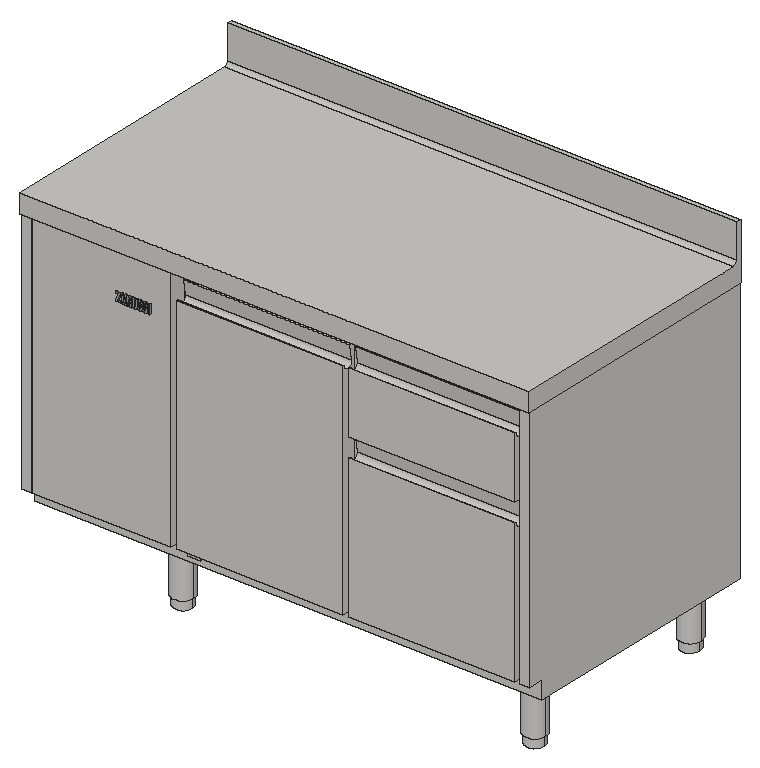
Revit family "QF_ZANUSSI_111030_ZH2H3AD", category Specialty Equipment, Revit 2018
Family settings
  Round Connector Dimension = Use Diameter
  Part Type = Normal
  Work Plane-Based = No
  Always vertical = Yes
  Cut with Voids When Loaded = No
  Shared = No
  Room Calculation Point = No
Parameters
  Weight = 0.00 kg
  Watts = 0.0232258 W
  Volts = 220 V
  URL Manufacturer = "http://www.zanussiprofessional.com/"
  URL = "http://www.zanussiprofessional.com/"
  Steam Supply Size = 0 mm
  Steam Supply Minimum Pressure = 0.0 Pa
  Steam Supply Maximum Pressure = 0.0 Pa
  Steam Pounds per Hour = 0
  Show Logo [instance] = yes
  Show Clearance [instance] = yes
  Refrigeration Suction Line Size = 0 mm
  Refrigeration Liquid Line Size = 0 mm
  Refrigerant Compressor Remote = yes
  Manufacturer = "Zanussi"
  Phase = 1
  Model = "ZH2H3AD"
  Length Actual = 1345 mm  # constant formula
  Item Number = "111030"
  Hot Water Size = 0 mm
  Height Actual = 1000 mm  # constant formula
  HP = "0.3 HP"
  Gas Size = 0 mm
  Gas KW = 0
  Gas Input Pressure = 0 W
  Description = "1DOOR+1/3+2/3DRAWERS REF.TABLE 290L-SPLB"
  Depth Actual = 700 mm  # constant formula
  Cycle = 50 Hz
  Condensate Return Size = 0 mm
  Compressed Air Volume = 0.0 L/s
  Compressed Air Size = 0 mm
  Compressed Air Pressure = 0.0 Pa
  Cold Water Size = 0 mm
  Accessory = yes
Reference planes
  plane 1 "Center X": y = 182.5
  plane 2: z = 0
  plane 3 "Center Y": x = -126.5
  plane 4: y = -62.5
  plane 5: y = 451.5
  plane 6 "BACK": y = 532.5
  plane 7 "FRONT": y = -167.5
  plane 8: x = -452
  plane 9: x = 478
  plane 10: z = 150
  plane 11 "TOP": z = 900
  plane 12: z = 850
  plane 13 "LEFT": x = -797
  plane 14 "RIGHT": x = 544
  plane 15: x = -799
  plane 16: x = 546
Forms (mm)
  Extrusion 1, solid, material "QF_Finishes_Stainless Steel"
    sketch origin (-126.5, 2, 0) x (0, 1, 0) y (0, 0, 1)
      loop
        line (530.5, 150) -> (530.5, 850) -> (-124.5, 850) -> (-124.5, 150) -> (530.5, 150)
    from -670.5 to 670.5
  Extrusion 2, solid, material "QF_Finishes_Stainless Steel"
    sketch origin (-1022.223, -1524, 150) x (-1, 0, 0) y (0, -1, 0)
      loop
        line (-225.223, -1361.5) -> (-250.223, -1361.5) -> (-250.223, -1401.5) -> (-225.223, -1401.5) -> (-225.223, -1361.5)
      loop
        line (-1566.223, -1401.5) -> (-1541.223, -1401.5) -> (-1541.223, -1361.5) -> (-1566.223, -1361.5) -> (-1566.223, -1401.5)
    from 47 to 700
  Extrusion 3, solid, material "QF_Finishes_Stainless Steel"
    sketch origin (0, 0, 900) x (-1, 0, 0) y (0, -1, 0)
      loop
        circle (-57, -94.5) r 8.45
    from -790.577 to -750
  Extrusion 4, solid, material "QF_Finishes_Stainless Steel"
    sketch origin (0, 0, 0) x (1, 0, 0) y (0, 1, 0)
      loop
        circle (-713, 451.5) r 4
    from 109.423 to 150
  Extrusion 5, solid, material "QF_Finishes_Stainless Steel"
    sketch origin (-126.5, 0, 0) x (0, 1, 0) y (0, 0, 1)
      loop
        line (-167.5, 900) -> (-167.5, 850) -> (532.5, 850) -> (532.5, 1000) -> (519.5, 1000) -> (519.5, 910)
        arc (519.5, 910) -> (516.571, 902.929) -> (509.5, 900) r 10
        line (509.5, 900) -> (-167.5, 900)
    from 672.5 to -672.5
Cuts and joins
  joined: Extrusion 1, Extrusion 2
Lines and regions (mm)
  symbolic lines, style "SpecialityEquipmentHiddenLines"
    curve 1: line (-799, -122.5, 900) -> (546, -122.5, 900)
    curve 2: line (-396, -167.5, 900) -> (-396, -122.5, 900)
  symbolic lines, style "SpecialityEquipment"
    curve 3: line (-799, 532.5, 900) -> (546, 532.5, 900)
    curve 4: line (-799, 532.5, 900) -> (-799, -167.5, 900)
    curve 5: line (-799, -167.5, 900) -> (546, -167.5, 900)
    curve 6: line (546, -167.5, 900) -> (546, 532.5, 900)
    curve 7: line (-799, 519.5, 900) -> (546, 519.5, 900)
Dimensions and locks
  locked: plane 6 "BACK" to plane 7 "FRONT" at 700
  equal spacing: plane 6 "BACK", plane 1 "Center X", plane 7 "FRONT"
  locked: plane 6 "BACK" to plane 5 at 81
  plane 10 to level = 150 mm
  plane 11 "TOP" to plane 12 to plane 10 = 50 mm locked, 700 mm locked
  locked: Extrusion 2 sketch curve to Extrusion 2 sketch curve at 25  (x2)
  locked: plane 4 to plane 7 "FRONT" at 105
  locked: plane 6 "BACK" to Extrusion 3 sketch curve at 438
  equal spacing: plane 13 "LEFT", plane 3 "Center Y", plane 14 "RIGHT"
  plane 15 to plane 16 = 1345 mm
  locked: plane 13 "LEFT" to plane 8 at 345
  locked: plane 9 to plane 14 "RIGHT" at 66
  locked: Extrusion 3 sketch curve to plane 14 "RIGHT" at 487
  plane 13 "LEFT" to Extrusion 4 sketch curve = 84 mm
  locked: plane 6 "BACK" to Extrusion 4 sketch curve at 81
  locked: plane 10 to Extrusion 4 at 40.577
  aligned and locked: level to plane 2
  aligned and locked: plane 10 to Extrusion 3
  aligned and locked: nested 4 to plane 4
  aligned and locked: nested 1 to plane 4
  aligned and locked: nested 3 to plane 5
  aligned and locked: nested 2 to plane 5
  aligned and locked: plane 8 to nested 1
  aligned and locked: plane 8 to nested 2
  aligned and locked: plane 9 to nested 4
  aligned and locked: plane 9 to nested 3
  aligned and locked: Extrusion 1 to Extrusion 2
  aligned and locked: Extrusion 2 to Extrusion 1
  aligned and locked: Extrusion 2 sketch curve to plane 14 "RIGHT"
  aligned and locked: plane 13 "LEFT" to Extrusion 2 sketch curve
  aligned and locked: cut or joined group of Extrusion 1, Extrusion 2 to plane 10
  aligned and locked: plane 12 to cut or joined group of Extrusion 1, Extrusion 2
  aligned and locked: plane 10 to Extrusion 4
  aligned and locked: Extrusion 5 sketch curve to plane 11 "TOP"
  aligned and locked: plane 7 "FRONT" to Extrusion 5 sketch curve
  aligned and locked: Extrusion 5 sketch curve to cut or joined group of Extrusion 1, Extrusion 2  (x2)
  aligned and locked: Extrusion 5 to curve 3
Automatic sketch dimensions
  plane 7 "FRONT" to Extrusion 2 sketch curve = 45 mm  (x2)
  plane 7 "FRONT" to Extrusion 2 sketch curve = 5 mm  (x2)
  Extrusion 1 sketch curve to plane 10 = 0 mm
  Extrusion 1 sketch curve to plane 12 = 0 mm
  Extrusion 1 sketch curve to plane 6 "BACK" = 0 mm
  plane 7 "FRONT" to Extrusion 1 sketch curve = 45 mm
  plane 11 "TOP" to Extrusion 5 sketch curve = 10 mm
  Extrusion 5 sketch curve to plane 6 "BACK" = 23 mm
  Extrusion 5 sketch curve to Extrusion 5 sketch curve = 90 mm
  curve 2 to plane 7 "FRONT" = 0 mm
  curve 5 to plane 15 = 0 mm
  curve 3 to plane 6 "BACK" = 0 mm
  plane 8 to curve 2 = 56 mm
  curve 7 to plane 6 "BACK" = 13 mm
  plane 7 "FRONT" to curve 1 = 45 mm
  radius of Extrusion 3 sketch curve = 8.45 mm
  radius of Extrusion 4 sketch curve = 4 mm
Nested families
  nested 1: "Foot_Ø50_H150" at (-452, -62.5, 0), type "Foot_Ø50_H150"
  nested 2: "Foot_Ø50_H150" at (-452, 451.5, 0), type "Foot_Ø50_H150"
  nested 3: "Foot_Ø50_H150" at (478, 451.5, 0), type "Foot_Ø50_H150"
  nested 4: "Foot_Ø50_H150" at (478, -62.5, 0), type "Foot_Ø50_H150"
  nested 5: "1x1-3 1x2-3 Drawers" at (285, -164.5, 0), Show Clearance <- "Show Clearance", type "1x1-3 1x2-3 Drawers"
  nested 6: "Door" at (-169, -164.5, 0) x (-1, 0, 0) z (0, 0, 1), Show Clearance <- "Show Clearance", type "Door"
  nested 7: "Refrigerator" at (544, -167.5, 900), type "Refrigerator"
  nested 8: "ZAN_Cooling Unit" at (-587.5, -164.5, 0), Show Logo <- "Show Logo", type "ZAN_Cooling Unit"
Connectors
  electrical at (-713, 451.5, 109.423), driven by "Volts"
    settings: on Extrusion 4, index 4, voltage 220 V, apparent load 0 VA, apparent load phase1 0 VA, apparent load phase2 0 VA, apparent load phase3 0 VA, power factor 1, load classification "Altro", number of poles 1, system type 30, power factor state 1, is connector primary yes, connector utility no, sub classification motor no, connector description "Electrical Connection"
  piping at (57, 94.5, 109.423), diameter 17
    settings: on Extrusion 3, index 5, connector inside diameter 609.6 mm, connector length 0 mm, flow factor 0, pipe flow 0.0 L/s, pressure drop 0.0 Pa, fitting loss kfactor 0, connector angle 0.00°, fixture units 0, engagement length 0 mm, angle of deflection 0.00°, flow configuration 1, flow direction 2, fitting loss method 0, system type 16, joint type 0, gender type 0, connector reference index -1, connector utility 0, adjustable connector no, is connector primary yes, connector description "Drain"
Definition of nested family "Foot_Ø50_H150"
  Reference planes
    plane 1 "Centro (Fronte/Retro)": y = 0
    plane 2: z = 0
    plane 3 "Centro (Sinistra/Destra)": x = 0
    plane 4: z = 150
  Forms (mm)
    Revolve 1, solid
      sketch origin (255.05, 0, 608.09) x (0, 0, 1) y (-1, 0, 0)
        loop
          line (-608.09, 255.05) -> (-608.09, 230.05) -> (-583.09, 230.05) -> (-583.09, 226.05) -> (-458.09, 226.05) -> (-458.09, 255.05) -> (-608.09, 255.05)
        axis (-608.09, 255.05) -> (-458.09, 255.05)
      angle from 0 to 360
  Dimensions and locks
    locked: Revolve 1 sketch curve to Revolve 1 sketch curve at 125
    aligned and locked: level to plane 2
    aligned and locked: plane 4 to Revolve 1 sketch curve
    aligned and locked: Revolve 1 sketch curve to level
    aligned and locked: plane 3 "Centro (Sinistra/Destra)" to Revolve 1 sketch curve
Definition of nested family "1x1-3 1x2-3 Drawers"
  Parameters
    Show Clearance [instance] = yes
  Reference planes
    plane 1 "FRONT": y = -3
    plane 2: z = 0
    plane 3 "Centro (Sinistra/Destra)": x = 0
    plane 4: z = 150
    plane 5: z = 850
    plane 6: x = -234
    plane 7: x = 234
    plane 8: x = -220
    plane 9: x = 220
  Forms (mm)
    Extrusion 1, solid
      sketch origin (0, 55, 511) x (0, 0, 1) y (0, -1, 0)
        loop
          line (314, 18) -> (314, 29) -> (274.395, 22.5)
          arc (274.395, 22.5) -> (260.395, 36.5) -> (274.395, 50.5) r 14
          line (274.395, 50.5) -> (274.395, 53) -> (111.333, 53) -> (111.333, 18) -> (314, 18)
        loop
          line (101.333, 29) -> (61.728, 22.5)
          arc (61.728, 22.5) -> (47.728, 36.5) -> (61.728, 50.5) r 14
          line (61.728, 50.5) -> (61.728, 53) -> (-314, 53) -> (-314, 18) -> (101.333, 18) -> (101.333, 29)
      from -220 to 220
    Extrusion 2, solid, visible <- "Show Clearance", detail levels coarse
      sketch origin (0, -462, 511) x (0, 0, 1) y (0, -1, 0)
        loop
          line (-314, 109) -> (-314, -464) -> (101.333, -464) -> (101.333, 109) -> (-314, 109)
        loop
          line (314, -464) -> (314, 109) -> (111.333, 109) -> (111.333, -464) -> (314, -464)
      from -220 to 220
  Lines and regions (mm)
    symbolic lines
      curve 1: line (-220, -208, 0) -> (-220, -243, 0)
      curve 2: line (220, -243, 0) -> (220, -208, 0)
      curve 3: line (-190, -3, 0) -> (-190, -48, 0)
      curve 4: line (220, -48, 0) -> (-220, -48, 0)
      curve 5: line (-220, -48, 0) -> (-220, -83, 0)
      curve 6: line (-220, -83, 0) -> (220, -83, 0)
      curve 7: line (220, -83, 0) -> (220, -48, 0)
      curve 8: line (190, -48, 0) -> (190, -3, 0)
      curve 9: line (-190, -83, 0) -> (-190, -208, 0)
      curve 10: line (190, -208, 0) -> (190, -83, 0)
      curve 11: line (220, -208, 0) -> (-220, -208, 0)
      curve 12: line (-220, -208, 0) -> (-220, -243, 0)
      curve 13: line (-220, -243, 0) -> (220, -243, 0)
      curve 14: line (220, -243, 0) -> (220, -208, 0)
  Dimensions and locks
    aligned and locked: level to plane 2
Definition of nested family "Door"
  Parameters
    Show Clearance [instance] = yes
  Reference planes
    plane 1 "FRONT": y = -3
    plane 2: z = 0
    plane 3 "Centro (Sinistra/Destra)": x = 0
    plane 4: z = 150
    plane 5: z = 850
    plane 6: x = -234
    plane 7: x = 234
    plane 8: x = -220
    plane 9: x = 220
  Forms (mm)
    Extrusion 1, solid
      sketch origin (0, 53, 511) x (0, 0, 1) y (0, -1, 0)
        loop
          line (-323.003, 28.5) -> (-316.501, 28.5) -> (-316.501, 31) -> (-325.503, 31) -> (-325.503, 13.5) -> (-345.503, 13.5) -> (-345.503, 11) -> (-323.003, 11) -> (-323.003, 23.259) -> (-323.003, 28.5)
        loop
          line (-314, 27) -> (-316.501, 27) -> (-316.501, 18.501) -> (-319.752, 18.501) -> (-319.752, 16) -> (-314, 16) -> (-314, 27)
        loop
          line (315.003, 27) -> (315.003, 13.948) -> (315.003, 11) -> (327.503, 11) -> (327.503, 13.5) -> (317.503, 13.5) -> (317.503, 27) -> (315.003, 27)
      from 185 to 220
    Extrusion 2, solid, visible <- "Show Clearance", detail levels coarse
      sketch origin (0, 53, 511) x (0, -1, 0) y (1, 0, 0)
        loop
          line (51, 220) -> (51, -220)
          arc (51, -220) -> (339.234, -79.44) -> (454, 220) r 437.168
          line (454, 220) -> (51, 220)
      from -314 to 314
    Extrusion 3, solid
      sketch origin (0, 55, 511) x (0, 0, 1) y (0, -1, 0)
        loop
          line (314, 18) -> (314, 29) -> (274.395, 22.5)
          arc (274.395, 22.5) -> (260.395, 36.5) -> (274.395, 50.5) r 14
          line (274.395, 50.5) -> (274.395, 53) -> (-314, 53) -> (-314, 18) -> (314, 18)
      from -220 to 220
  Lines and regions (mm)
    symbolic lines
      curve 1: line (220, -3, 0) -> (220, -401, 0)
      curve 2: line (220, -401, 0) -> (185, -401, 0)
      curve 3: line (185, -401, 0) -> (185, -3, 0)
      curve 4: arc (-219.722, -3, 0) -> (-89.51, -275.368, 0) -> (185, -401, 0) r 442.855
  Dimensions and locks
    aligned and locked: level to plane 2
Definition of nested family "ZAN_Cooling Unit"
  Parameters
    Show Logo [instance] = yes
  Reference planes
    plane 1 "FRONT": y = -3
    plane 2: z = 0
    plane 3 "Centro (Sinistra/Destra)": x = 0
    plane 4: z = 150
    plane 5: z = 850
    plane 6: x = -184.5
    plane 7: x = 184.5
  Forms (mm)
    Extrusion 1, solid
      sketch origin (0, 55, 511) x (0, 0, 1) y (0, -1, 0)
        loop
          line (-314, 53) -> (-314, 13) -> (339, 13) -> (339, 53) -> (-314, 53)
      from -184.5 to 184.5
  Lines and regions (mm)
    Split face 1
      outline origin (0, 2, 197) x (0, 0, 1) y (-1, 0, 0)
        loop
          line (566.835, 184.5) -> (566.835, -184.5)
        loop
          line (521.835, 184.5) -> (521.835, -184.5)
    Split face 2
      outline origin (0, 2, 197) x (0, 0, 1) y (-1, 0, 0)
        loop
          arc (510.649, 158.547) -> (506.648, 162.548) -> (502.647, 158.547) r 4.001
          line (502.647, 158.547) -> (502.647, 116.535)
          arc (502.647, 116.535) -> (506.648, 112.533) -> (510.649, 116.535) r 4.001
          line (510.649, 116.535) -> (510.649, 158.547)
    Split face 3
      outline origin (0, 2, 184.996) x (0, 0, 1) y (-1, 0, 0)
        loop
          arc (510.649, 158.547) -> (506.648, 162.548) -> (502.647, 158.547) r 4.001
          line (502.647, 158.547) -> (502.647, 116.535)
          arc (502.647, 116.535) -> (506.648, 112.533) -> (510.649, 116.535) r 4.001
          line (510.649, 116.535) -> (510.649, 158.547)
    Split face 4
      outline origin (0, 2, 172.993) x (0, 0, 1) y (-1, 0, 0)
        loop
          arc (510.649, 158.547) -> (506.648, 162.548) -> (502.647, 158.547) r 4.001
          line (502.647, 158.547) -> (502.647, 116.535)
          arc (502.647, 116.535) -> (506.648, 112.533) -> (510.649, 116.535) r 4.001
          line (510.649, 116.535) -> (510.649, 158.547)
    Split face 5
      outline origin (0, 2, 160.989) x (0, 0, 1) y (-1, 0, 0)
        loop
          arc (510.649, 158.547) -> (506.648, 162.548) -> (502.647, 158.547) r 4.001
          line (502.647, 158.547) -> (502.647, 116.535)
          arc (502.647, 116.535) -> (506.648, 112.533) -> (510.649, 116.535) r 4.001
          line (510.649, 116.535) -> (510.649, 158.547)
    Split face 6
      outline origin (0, 2, 148.986) x (0, 0, 1) y (-1, 0, 0)
        loop
          arc (510.649, 158.547) -> (506.648, 162.548) -> (502.647, 158.547) r 4.001
          line (502.647, 158.547) -> (502.647, 116.535)
          arc (502.647, 116.535) -> (506.648, 112.533) -> (510.649, 116.535) r 4.001
          line (510.649, 116.535) -> (510.649, 158.547)
    Split face 7
      outline origin (0, 2, 136.982) x (0, 0, 1) y (-1, 0, 0)
        loop
          arc (510.649, 158.547) -> (506.648, 162.548) -> (502.647, 158.547) r 4.001
          line (502.647, 158.547) -> (502.647, 116.535)
          arc (502.647, 116.535) -> (506.648, 112.533) -> (510.649, 116.535) r 4.001
          line (510.649, 116.535) -> (510.649, 158.547)
    Split face 8
      outline origin (0, 2, 124.979) x (0, 0, 1) y (-1, 0, 0)
        loop
          arc (510.649, 158.547) -> (506.648, 162.548) -> (502.647, 158.547) r 4.001
          line (502.647, 158.547) -> (502.647, 116.535)
          arc (502.647, 116.535) -> (506.648, 112.533) -> (510.649, 116.535) r 4.001
          line (510.649, 116.535) -> (510.649, 158.547)
    Split face 9
      outline origin (0, 2, 112.975) x (0, 0, 1) y (-1, 0, 0)
        loop
          arc (510.649, 158.547) -> (506.648, 162.548) -> (502.647, 158.547) r 4.001
          line (502.647, 158.547) -> (502.647, 116.535)
          arc (502.647, 116.535) -> (506.648, 112.533) -> (510.649, 116.535) r 4.001
          line (510.649, 116.535) -> (510.649, 158.547)
    Split face 10
      outline origin (0, 2, 100.972) x (0, 0, 1) y (-1, 0, 0)
        loop
          arc (510.649, 158.547) -> (506.648, 162.548) -> (502.647, 158.547) r 4.001
          line (502.647, 158.547) -> (502.647, 116.535)
          arc (502.647, 116.535) -> (506.648, 112.533) -> (510.649, 116.535) r 4.001
          line (510.649, 116.535) -> (510.649, 158.547)
    Split face 11
      outline origin (0, 2, 88.968) x (0, 0, 1) y (-1, 0, 0)
        loop
          arc (510.649, 158.547) -> (506.648, 162.548) -> (502.647, 158.547) r 4.001
          line (502.647, 158.547) -> (502.647, 116.535)
          arc (502.647, 116.535) -> (506.648, 112.533) -> (510.649, 116.535) r 4.001
          line (510.649, 116.535) -> (510.649, 158.547)
    Split face 12
      outline origin (0, 2, 76.965) x (0, 0, 1) y (-1, 0, 0)
        loop
          arc (510.649, 158.547) -> (506.648, 162.548) -> (502.647, 158.547) r 4.001
          line (502.647, 158.547) -> (502.647, 116.535)
          arc (502.647, 116.535) -> (506.648, 112.533) -> (510.649, 116.535) r 4.001
          line (510.649, 116.535) -> (510.649, 158.547)
    Split face 13
      outline origin (0, 2, 64.961) x (0, 0, 1) y (-1, 0, 0)
        loop
          arc (510.649, 158.547) -> (506.648, 162.548) -> (502.647, 158.547) r 4.001
          line (502.647, 158.547) -> (502.647, 116.535)
          arc (502.647, 116.535) -> (506.648, 112.533) -> (510.649, 116.535) r 4.001
          line (510.649, 116.535) -> (510.649, 158.547)
    Split face 14
      outline origin (0, 2, 52.958) x (0, 0, 1) y (-1, 0, 0)
        loop
          arc (510.649, 158.547) -> (506.648, 162.548) -> (502.647, 158.547) r 4.001
          line (502.647, 158.547) -> (502.647, 116.535)
          arc (502.647, 116.535) -> (506.648, 112.533) -> (510.649, 116.535) r 4.001
          line (510.649, 116.535) -> (510.649, 158.547)
    Split face 15
      outline origin (0, 2, 40.954) x (0, 0, 1) y (-1, 0, 0)
        loop
          arc (510.649, 158.547) -> (506.648, 162.548) -> (502.647, 158.547) r 4.001
          line (502.647, 158.547) -> (502.647, 116.535)
          arc (502.647, 116.535) -> (506.648, 112.533) -> (510.649, 116.535) r 4.001
          line (510.649, 116.535) -> (510.649, 158.547)
    Split face 16
      outline origin (0, 2, 28.951) x (0, 0, 1) y (-1, 0, 0)
        loop
          arc (510.649, 158.547) -> (506.648, 162.548) -> (502.647, 158.547) r 4.001
          line (502.647, 158.547) -> (502.647, 116.535)
          arc (502.647, 116.535) -> (506.648, 112.533) -> (510.649, 116.535) r 4.001
          line (510.649, 116.535) -> (510.649, 158.547)
    Split face 17
      outline origin (0, 2, 16.947) x (0, 0, 1) y (-1, 0, 0)
        loop
          arc (510.649, 158.547) -> (506.648, 162.548) -> (502.647, 158.547) r 4.001
          line (502.647, 158.547) -> (502.647, 116.535)
          arc (502.647, 116.535) -> (506.648, 112.533) -> (510.649, 116.535) r 4.001
          line (510.649, 116.535) -> (510.649, 158.547)
    Split face 18
      outline origin (55.016, 2, 197) x (0, 0, 1) y (-1, 0, 0)
        loop
          arc (510.649, 158.547) -> (506.648, 162.548) -> (502.647, 158.547) r 4.001
          line (502.647, 158.547) -> (502.647, 116.535)
          arc (502.647, 116.535) -> (506.648, 112.533) -> (510.649, 116.535) r 4.001
          line (510.649, 116.535) -> (510.649, 158.547)
    Split face 19
      outline origin (55.016, 2, 184.996) x (0, 0, 1) y (-1, 0, 0)
        loop
          arc (510.649, 158.547) -> (506.648, 162.548) -> (502.647, 158.547) r 4.001
          line (502.647, 158.547) -> (502.647, 116.535)
          arc (502.647, 116.535) -> (506.648, 112.533) -> (510.649, 116.535) r 4.001
          line (510.649, 116.535) -> (510.649, 158.547)
    Split face 20
      outline origin (55.016, 2, 172.993) x (0, 0, 1) y (-1, 0, 0)
        loop
          arc (510.649, 158.547) -> (506.648, 162.548) -> (502.647, 158.547) r 4.001
          line (502.647, 158.547) -> (502.647, 116.535)
          arc (502.647, 116.535) -> (506.648, 112.533) -> (510.649, 116.535) r 4.001
          line (510.649, 116.535) -> (510.649, 158.547)
    Split face 21
      outline origin (55.016, 2, 160.989) x (0, 0, 1) y (-1, 0, 0)
        loop
          arc (510.649, 158.547) -> (506.648, 162.548) -> (502.647, 158.547) r 4.001
          line (502.647, 158.547) -> (502.647, 116.535)
          arc (502.647, 116.535) -> (506.648, 112.533) -> (510.649, 116.535) r 4.001
          line (510.649, 116.535) -> (510.649, 158.547)
    Split face 22
      outline origin (55.016, 2, 148.986) x (0, 0, 1) y (-1, 0, 0)
        loop
          arc (510.649, 158.547) -> (506.648, 162.548) -> (502.647, 158.547) r 4.001
          line (502.647, 158.547) -> (502.647, 116.535)
          arc (502.647, 116.535) -> (506.648, 112.533) -> (510.649, 116.535) r 4.001
          line (510.649, 116.535) -> (510.649, 158.547)
    Split face 23
      outline origin (55.016, 2, 136.982) x (0, 0, 1) y (-1, 0, 0)
        loop
          arc (510.649, 158.547) -> (506.648, 162.548) -> (502.647, 158.547) r 4.001
          line (502.647, 158.547) -> (502.647, 116.535)
          arc (502.647, 116.535) -> (506.648, 112.533) -> (510.649, 116.535) r 4.001
          line (510.649, 116.535) -> (510.649, 158.547)
    Split face 24
      outline origin (55.016, 2, 124.979) x (0, 0, 1) y (-1, 0, 0)
        loop
          arc (510.649, 158.547) -> (506.648, 162.548) -> (502.647, 158.547) r 4.001
          line (502.647, 158.547) -> (502.647, 116.535)
          arc (502.647, 116.535) -> (506.648, 112.533) -> (510.649, 116.535) r 4.001
          line (510.649, 116.535) -> (510.649, 158.547)
    Split face 25
      outline origin (55.016, 2, 112.975) x (0, 0, 1) y (-1, 0, 0)
        loop
          arc (510.649, 158.547) -> (506.648, 162.548) -> (502.647, 158.547) r 4.001
          line (502.647, 158.547) -> (502.647, 116.535)
          arc (502.647, 116.535) -> (506.648, 112.533) -> (510.649, 116.535) r 4.001
          line (510.649, 116.535) -> (510.649, 158.547)
    Split face 26
      outline origin (55.016, 2, 100.972) x (0, 0, 1) y (-1, 0, 0)
        loop
          arc (510.649, 158.547) -> (506.648, 162.548) -> (502.647, 158.547) r 4.001
          line (502.647, 158.547) -> (502.647, 116.535)
          arc (502.647, 116.535) -> (506.648, 112.533) -> (510.649, 116.535) r 4.001
          line (510.649, 116.535) -> (510.649, 158.547)
    Split face 27
      outline origin (55.016, 2, 88.968) x (0, 0, 1) y (-1, 0, 0)
        loop
          arc (510.649, 158.547) -> (506.648, 162.548) -> (502.647, 158.547) r 4.001
          line (502.647, 158.547) -> (502.647, 116.535)
          arc (502.647, 116.535) -> (506.648, 112.533) -> (510.649, 116.535) r 4.001
          line (510.649, 116.535) -> (510.649, 158.547)
    Split face 28
      outline origin (55.016, 2, 76.965) x (0, 0, 1) y (-1, 0, 0)
        loop
          arc (510.649, 158.547) -> (506.648, 162.548) -> (502.647, 158.547) r 4.001
          line (502.647, 158.547) -> (502.647, 116.535)
          arc (502.647, 116.535) -> (506.648, 112.533) -> (510.649, 116.535) r 4.001
          line (510.649, 116.535) -> (510.649, 158.547)
    Split face 29
      outline origin (55.016, 2, 64.961) x (0, 0, 1) y (-1, 0, 0)
        loop
          arc (510.649, 158.547) -> (506.648, 162.548) -> (502.647, 158.547) r 4.001
          line (502.647, 158.547) -> (502.647, 116.535)
          arc (502.647, 116.535) -> (506.648, 112.533) -> (510.649, 116.535) r 4.001
          line (510.649, 116.535) -> (510.649, 158.547)
    Split face 30
      outline origin (55.016, 2, 52.958) x (0, 0, 1) y (-1, 0, 0)
        loop
          arc (510.649, 158.547) -> (506.648, 162.548) -> (502.647, 158.547) r 4.001
          line (502.647, 158.547) -> (502.647, 116.535)
          arc (502.647, 116.535) -> (506.648, 112.533) -> (510.649, 116.535) r 4.001
          line (510.649, 116.535) -> (510.649, 158.547)
    Split face 31
      outline origin (55.016, 2, 40.954) x (0, 0, 1) y (-1, 0, 0)
        loop
          arc (510.649, 158.547) -> (506.648, 162.548) -> (502.647, 158.547) r 4.001
          line (502.647, 158.547) -> (502.647, 116.535)
          arc (502.647, 116.535) -> (506.648, 112.533) -> (510.649, 116.535) r 4.001
          line (510.649, 116.535) -> (510.649, 158.547)
    Split face 32
      outline origin (55.016, 2, 28.951) x (0, 0, 1) y (-1, 0, 0)
        loop
          arc (510.649, 158.547) -> (506.648, 162.548) -> (502.647, 158.547) r 4.001
          line (502.647, 158.547) -> (502.647, 116.535)
          arc (502.647, 116.535) -> (506.648, 112.533) -> (510.649, 116.535) r 4.001
          line (510.649, 116.535) -> (510.649, 158.547)
    Split face 33
      outline origin (55.016, 2, 16.947) x (0, 0, 1) y (-1, 0, 0)
        loop
          arc (510.649, 158.547) -> (506.648, 162.548) -> (502.647, 158.547) r 4.001
          line (502.647, 158.547) -> (502.647, 116.535)
          arc (502.647, 116.535) -> (506.648, 112.533) -> (510.649, 116.535) r 4.001
          line (510.649, 116.535) -> (510.649, 158.547)
    Split face 34
      outline origin (110.032, 2, 197) x (0, 0, 1) y (-1, 0, 0)
        loop
          arc (510.649, 158.547) -> (506.648, 162.548) -> (502.647, 158.547) r 4.001
          line (502.647, 158.547) -> (502.647, 116.535)
          arc (502.647, 116.535) -> (506.648, 112.533) -> (510.649, 116.535) r 4.001
          line (510.649, 116.535) -> (510.649, 158.547)
    Split face 35
      outline origin (110.032, 2, 184.996) x (0, 0, 1) y (-1, 0, 0)
        loop
          arc (510.649, 158.547) -> (506.648, 162.548) -> (502.647, 158.547) r 4.001
          line (502.647, 158.547) -> (502.647, 116.535)
          arc (502.647, 116.535) -> (506.648, 112.533) -> (510.649, 116.535) r 4.001
          line (510.649, 116.535) -> (510.649, 158.547)
    Split face 36
      outline origin (110.032, 2, 172.993) x (0, 0, 1) y (-1, 0, 0)
        loop
          arc (510.649, 158.547) -> (506.648, 162.548) -> (502.647, 158.547) r 4.001
          line (502.647, 158.547) -> (502.647, 116.535)
          arc (502.647, 116.535) -> (506.648, 112.533) -> (510.649, 116.535) r 4.001
          line (510.649, 116.535) -> (510.649, 158.547)
    Split face 37
      outline origin (110.032, 2, 160.989) x (0, 0, 1) y (-1, 0, 0)
        loop
          arc (510.649, 158.547) -> (506.648, 162.548) -> (502.647, 158.547) r 4.001
          line (502.647, 158.547) -> (502.647, 116.535)
          arc (502.647, 116.535) -> (506.648, 112.533) -> (510.649, 116.535) r 4.001
          line (510.649, 116.535) -> (510.649, 158.547)
    Split face 38
      outline origin (110.032, 2, 148.986) x (0, 0, 1) y (-1, 0, 0)
        loop
          arc (510.649, 158.547) -> (506.648, 162.548) -> (502.647, 158.547) r 4.001
          line (502.647, 158.547) -> (502.647, 116.535)
          arc (502.647, 116.535) -> (506.648, 112.533) -> (510.649, 116.535) r 4.001
          line (510.649, 116.535) -> (510.649, 158.547)
    Split face 39
      outline origin (110.032, 2, 136.982) x (0, 0, 1) y (-1, 0, 0)
        loop
          arc (510.649, 158.547) -> (506.648, 162.548) -> (502.647, 158.547) r 4.001
          line (502.647, 158.547) -> (502.647, 116.535)
          arc (502.647, 116.535) -> (506.648, 112.533) -> (510.649, 116.535) r 4.001
          line (510.649, 116.535) -> (510.649, 158.547)
    Split face 40
      outline origin (110.032, 2, 124.979) x (0, 0, 1) y (-1, 0, 0)
        loop
          arc (510.649, 158.547) -> (506.648, 162.548) -> (502.647, 158.547) r 4.001
          line (502.647, 158.547) -> (502.647, 116.535)
          arc (502.647, 116.535) -> (506.648, 112.533) -> (510.649, 116.535) r 4.001
          line (510.649, 116.535) -> (510.649, 158.547)
    Split face 41
      outline origin (110.032, 2, 112.975) x (0, 0, 1) y (-1, 0, 0)
        loop
          arc (510.649, 158.547) -> (506.648, 162.548) -> (502.647, 158.547) r 4.001
          line (502.647, 158.547) -> (502.647, 116.535)
          arc (502.647, 116.535) -> (506.648, 112.533) -> (510.649, 116.535) r 4.001
          line (510.649, 116.535) -> (510.649, 158.547)
    Split face 42
      outline origin (110.032, 2, 100.972) x (0, 0, 1) y (-1, 0, 0)
        loop
          arc (510.649, 158.547) -> (506.648, 162.548) -> (502.647, 158.547) r 4.001
          line (502.647, 158.547) -> (502.647, 116.535)
          arc (502.647, 116.535) -> (506.648, 112.533) -> (510.649, 116.535) r 4.001
          line (510.649, 116.535) -> (510.649, 158.547)
    Split face 43
      outline origin (110.032, 2, 88.968) x (0, 0, 1) y (-1, 0, 0)
        loop
          arc (510.649, 158.547) -> (506.648, 162.548) -> (502.647, 158.547) r 4.001
          line (502.647, 158.547) -> (502.647, 116.535)
          arc (502.647, 116.535) -> (506.648, 112.533) -> (510.649, 116.535) r 4.001
          line (510.649, 116.535) -> (510.649, 158.547)
    Split face 44
      outline origin (110.032, 2, 76.965) x (0, 0, 1) y (-1, 0, 0)
        loop
          arc (510.649, 158.547) -> (506.648, 162.548) -> (502.647, 158.547) r 4.001
          line (502.647, 158.547) -> (502.647, 116.535)
          arc (502.647, 116.535) -> (506.648, 112.533) -> (510.649, 116.535) r 4.001
          line (510.649, 116.535) -> (510.649, 158.547)
    Split face 45
      outline origin (110.032, 2, 64.961) x (0, 0, 1) y (-1, 0, 0)
        loop
          arc (510.649, 158.547) -> (506.648, 162.548) -> (502.647, 158.547) r 4.001
          line (502.647, 158.547) -> (502.647, 116.535)
          arc (502.647, 116.535) -> (506.648, 112.533) -> (510.649, 116.535) r 4.001
          line (510.649, 116.535) -> (510.649, 158.547)
    Split face 46
      outline origin (110.032, 2, 52.958) x (0, 0, 1) y (-1, 0, 0)
        loop
          arc (510.649, 158.547) -> (506.648, 162.548) -> (502.647, 158.547) r 4.001
          line (502.647, 158.547) -> (502.647, 116.535)
          arc (502.647, 116.535) -> (506.648, 112.533) -> (510.649, 116.535) r 4.001
          line (510.649, 116.535) -> (510.649, 158.547)
    Split face 47
      outline origin (110.032, 2, 40.954) x (0, 0, 1) y (-1, 0, 0)
        loop
          arc (510.649, 158.547) -> (506.648, 162.548) -> (502.647, 158.547) r 4.001
          line (502.647, 158.547) -> (502.647, 116.535)
          arc (502.647, 116.535) -> (506.648, 112.533) -> (510.649, 116.535) r 4.001
          line (510.649, 116.535) -> (510.649, 158.547)
    Split face 48
      outline origin (110.032, 2, 28.951) x (0, 0, 1) y (-1, 0, 0)
        loop
          arc (510.649, 158.547) -> (506.648, 162.548) -> (502.647, 158.547) r 4.001
          line (502.647, 158.547) -> (502.647, 116.535)
          arc (502.647, 116.535) -> (506.648, 112.533) -> (510.649, 116.535) r 4.001
          line (510.649, 116.535) -> (510.649, 158.547)
    Split face 49
      outline origin (110.032, 2, 16.947) x (0, 0, 1) y (-1, 0, 0)
        loop
          arc (510.649, 158.547) -> (506.648, 162.548) -> (502.647, 158.547) r 4.001
          line (502.647, 158.547) -> (502.647, 116.535)
          arc (502.647, 116.535) -> (506.648, 112.533) -> (510.649, 116.535) r 4.001
          line (510.649, 116.535) -> (510.649, 158.547)
    Split face 50
      outline origin (165.048, 2, 197) x (0, 0, 1) y (-1, 0, 0)
        loop
          arc (510.649, 158.547) -> (506.648, 162.548) -> (502.647, 158.547) r 4.001
          line (502.647, 158.547) -> (502.647, 116.535)
          arc (502.647, 116.535) -> (506.648, 112.533) -> (510.649, 116.535) r 4.001
          line (510.649, 116.535) -> (510.649, 158.547)
    Split face 51
      outline origin (165.048, 2, 184.996) x (0, 0, 1) y (-1, 0, 0)
        loop
          arc (510.649, 158.547) -> (506.648, 162.548) -> (502.647, 158.547) r 4.001
          line (502.647, 158.547) -> (502.647, 116.535)
          arc (502.647, 116.535) -> (506.648, 112.533) -> (510.649, 116.535) r 4.001
          line (510.649, 116.535) -> (510.649, 158.547)
    Split face 52
      outline origin (165.048, 2, 172.993) x (0, 0, 1) y (-1, 0, 0)
        loop
          arc (510.649, 158.547) -> (506.648, 162.548) -> (502.647, 158.547) r 4.001
          line (502.647, 158.547) -> (502.647, 116.535)
          arc (502.647, 116.535) -> (506.648, 112.533) -> (510.649, 116.535) r 4.001
          line (510.649, 116.535) -> (510.649, 158.547)
    Split face 53
      outline origin (165.048, 2, 160.989) x (0, 0, 1) y (-1, 0, 0)
        loop
          arc (510.649, 158.547) -> (506.648, 162.548) -> (502.647, 158.547) r 4.001
          line (502.647, 158.547) -> (502.647, 116.535)
          arc (502.647, 116.535) -> (506.648, 112.533) -> (510.649, 116.535) r 4.001
          line (510.649, 116.535) -> (510.649, 158.547)
    Split face 54
      outline origin (165.048, 2, 148.986) x (0, 0, 1) y (-1, 0, 0)
        loop
          arc (510.649, 158.547) -> (506.648, 162.548) -> (502.647, 158.547) r 4.001
          line (502.647, 158.547) -> (502.647, 116.535)
          arc (502.647, 116.535) -> (506.648, 112.533) -> (510.649, 116.535) r 4.001
          line (510.649, 116.535) -> (510.649, 158.547)
    Split face 55
      outline origin (165.048, 2, 136.982) x (0, 0, 1) y (-1, 0, 0)
        loop
          arc (510.649, 158.547) -> (506.648, 162.548) -> (502.647, 158.547) r 4.001
          line (502.647, 158.547) -> (502.647, 116.535)
          arc (502.647, 116.535) -> (506.648, 112.533) -> (510.649, 116.535) r 4.001
          line (510.649, 116.535) -> (510.649, 158.547)
    Split face 56
      outline origin (165.048, 2, 124.979) x (0, 0, 1) y (-1, 0, 0)
        loop
          arc (510.649, 158.547) -> (506.648, 162.548) -> (502.647, 158.547) r 4.001
          line (502.647, 158.547) -> (502.647, 116.535)
          arc (502.647, 116.535) -> (506.648, 112.533) -> (510.649, 116.535) r 4.001
          line (510.649, 116.535) -> (510.649, 158.547)
    Split face 57
      outline origin (165.048, 2, 112.975) x (0, 0, 1) y (-1, 0, 0)
        loop
          arc (510.649, 158.547) -> (506.648, 162.548) -> (502.647, 158.547) r 4.001
          line (502.647, 158.547) -> (502.647, 116.535)
          arc (502.647, 116.535) -> (506.648, 112.533) -> (510.649, 116.535) r 4.001
          line (510.649, 116.535) -> (510.649, 158.547)
    Split face 58
      outline origin (165.048, 2, 100.972) x (0, 0, 1) y (-1, 0, 0)
        loop
          arc (510.649, 158.547) -> (506.648, 162.548) -> (502.647, 158.547) r 4.001
          line (502.647, 158.547) -> (502.647, 116.535)
          arc (502.647, 116.535) -> (506.648, 112.533) -> (510.649, 116.535) r 4.001
          line (510.649, 116.535) -> (510.649, 158.547)
    Split face 59
      outline origin (165.048, 2, 88.968) x (0, 0, 1) y (-1, 0, 0)
        loop
          arc (510.649, 158.547) -> (506.648, 162.548) -> (502.647, 158.547) r 4.001
          line (502.647, 158.547) -> (502.647, 116.535)
          arc (502.647, 116.535) -> (506.648, 112.533) -> (510.649, 116.535) r 4.001
          line (510.649, 116.535) -> (510.649, 158.547)
    Split face 60
      outline origin (165.048, 2, 76.965) x (0, 0, 1) y (-1, 0, 0)
        loop
          arc (510.649, 158.547) -> (506.648, 162.548) -> (502.647, 158.547) r 4.001
          line (502.647, 158.547) -> (502.647, 116.535)
          arc (502.647, 116.535) -> (506.648, 112.533) -> (510.649, 116.535) r 4.001
          line (510.649, 116.535) -> (510.649, 158.547)
    Split face 61
      outline origin (165.048, 2, 64.961) x (0, 0, 1) y (-1, 0, 0)
        loop
          arc (510.649, 158.547) -> (506.648, 162.548) -> (502.647, 158.547) r 4.001
          line (502.647, 158.547) -> (502.647, 116.535)
          arc (502.647, 116.535) -> (506.648, 112.533) -> (510.649, 116.535) r 4.001
          line (510.649, 116.535) -> (510.649, 158.547)
    Split face 62
      outline origin (165.048, 2, 52.958) x (0, 0, 1) y (-1, 0, 0)
        loop
          arc (510.649, 158.547) -> (506.648, 162.548) -> (502.647, 158.547) r 4.001
          line (502.647, 158.547) -> (502.647, 116.535)
          arc (502.647, 116.535) -> (506.648, 112.533) -> (510.649, 116.535) r 4.001
          line (510.649, 116.535) -> (510.649, 158.547)
    Split face 63
      outline origin (165.048, 2, 40.954) x (0, 0, 1) y (-1, 0, 0)
        loop
          arc (510.649, 158.547) -> (506.648, 162.548) -> (502.647, 158.547) r 4.001
          line (502.647, 158.547) -> (502.647, 116.535)
          arc (502.647, 116.535) -> (506.648, 112.533) -> (510.649, 116.535) r 4.001
          line (510.649, 116.535) -> (510.649, 158.547)
    Split face 64
      outline origin (165.048, 2, 28.951) x (0, 0, 1) y (-1, 0, 0)
        loop
          arc (510.649, 158.547) -> (506.648, 162.548) -> (502.647, 158.547) r 4.001
          line (502.647, 158.547) -> (502.647, 116.535)
          arc (502.647, 116.535) -> (506.648, 112.533) -> (510.649, 116.535) r 4.001
          line (510.649, 116.535) -> (510.649, 158.547)
    Split face 65
      outline origin (165.048, 2, 16.947) x (0, 0, 1) y (-1, 0, 0)
        loop
          arc (510.649, 158.547) -> (506.648, 162.548) -> (502.647, 158.547) r 4.001
          line (502.647, 158.547) -> (502.647, 116.535)
          arc (502.647, 116.535) -> (506.648, 112.533) -> (510.649, 116.535) r 4.001
          line (510.649, 116.535) -> (510.649, 158.547)
    Split face 66
      outline origin (220.064, 2, 197) x (0, 0, 1) y (-1, 0, 0)
        loop
          arc (510.649, 158.547) -> (506.648, 162.548) -> (502.647, 158.547) r 4.001
          line (502.647, 158.547) -> (502.647, 116.535)
          arc (502.647, 116.535) -> (506.648, 112.533) -> (510.649, 116.535) r 4.001
          line (510.649, 116.535) -> (510.649, 158.547)
    Split face 67
      outline origin (220.064, 2, 184.996) x (0, 0, 1) y (-1, 0, 0)
        loop
          arc (510.649, 158.547) -> (506.648, 162.548) -> (502.647, 158.547) r 4.001
          line (502.647, 158.547) -> (502.647, 116.535)
          arc (502.647, 116.535) -> (506.648, 112.533) -> (510.649, 116.535) r 4.001
          line (510.649, 116.535) -> (510.649, 158.547)
    Split face 68
      outline origin (220.064, 2, 172.993) x (0, 0, 1) y (-1, 0, 0)
        loop
          arc (510.649, 158.547) -> (506.648, 162.548) -> (502.647, 158.547) r 4.001
          line (502.647, 158.547) -> (502.647, 116.535)
          arc (502.647, 116.535) -> (506.648, 112.533) -> (510.649, 116.535) r 4.001
          line (510.649, 116.535) -> (510.649, 158.547)
    Split face 69
      outline origin (220.064, 2, 160.989) x (0, 0, 1) y (-1, 0, 0)
        loop
          arc (510.649, 158.547) -> (506.648, 162.548) -> (502.647, 158.547) r 4.001
          line (502.647, 158.547) -> (502.647, 116.535)
          arc (502.647, 116.535) -> (506.648, 112.533) -> (510.649, 116.535) r 4.001
          line (510.649, 116.535) -> (510.649, 158.547)
    Split face 70
      outline origin (220.064, 2, 148.986) x (0, 0, 1) y (-1, 0, 0)
        loop
          arc (510.649, 158.547) -> (506.648, 162.548) -> (502.647, 158.547) r 4.001
          line (502.647, 158.547) -> (502.647, 116.535)
          arc (502.647, 116.535) -> (506.648, 112.533) -> (510.649, 116.535) r 4.001
          line (510.649, 116.535) -> (510.649, 158.547)
    Split face 71
      outline origin (220.064, 2, 136.982) x (0, 0, 1) y (-1, 0, 0)
        loop
          arc (510.649, 158.547) -> (506.648, 162.548) -> (502.647, 158.547) r 4.001
          line (502.647, 158.547) -> (502.647, 116.535)
          arc (502.647, 116.535) -> (506.648, 112.533) -> (510.649, 116.535) r 4.001
          line (510.649, 116.535) -> (510.649, 158.547)
    Split face 72
      outline origin (220.064, 2, 124.979) x (0, 0, 1) y (-1, 0, 0)
        loop
          arc (510.649, 158.547) -> (506.648, 162.548) -> (502.647, 158.547) r 4.001
          line (502.647, 158.547) -> (502.647, 116.535)
          arc (502.647, 116.535) -> (506.648, 112.533) -> (510.649, 116.535) r 4.001
          line (510.649, 116.535) -> (510.649, 158.547)
    Split face 73
      outline origin (220.064, 2, 112.975) x (0, 0, 1) y (-1, 0, 0)
        loop
          arc (510.649, 158.547) -> (506.648, 162.548) -> (502.647, 158.547) r 4.001
          line (502.647, 158.547) -> (502.647, 116.535)
          arc (502.647, 116.535) -> (506.648, 112.533) -> (510.649, 116.535) r 4.001
          line (510.649, 116.535) -> (510.649, 158.547)
    Split face 74
      outline origin (220.064, 2, 100.972) x (0, 0, 1) y (-1, 0, 0)
        loop
          arc (510.649, 158.547) -> (506.648, 162.548) -> (502.647, 158.547) r 4.001
          line (502.647, 158.547) -> (502.647, 116.535)
          arc (502.647, 116.535) -> (506.648, 112.533) -> (510.649, 116.535) r 4.001
          line (510.649, 116.535) -> (510.649, 158.547)
    Split face 75
      outline origin (220.064, 2, 88.968) x (0, 0, 1) y (-1, 0, 0)
        loop
          arc (510.649, 158.547) -> (506.648, 162.548) -> (502.647, 158.547) r 4.001
          line (502.647, 158.547) -> (502.647, 116.535)
          arc (502.647, 116.535) -> (506.648, 112.533) -> (510.649, 116.535) r 4.001
          line (510.649, 116.535) -> (510.649, 158.547)
    Split face 76
      outline origin (220.064, 2, 76.965) x (0, 0, 1) y (-1, 0, 0)
        loop
          arc (510.649, 158.547) -> (506.648, 162.548) -> (502.647, 158.547) r 4.001
          line (502.647, 158.547) -> (502.647, 116.535)
          arc (502.647, 116.535) -> (506.648, 112.533) -> (510.649, 116.535) r 4.001
          line (510.649, 116.535) -> (510.649, 158.547)
    Split face 77
      outline origin (220.064, 2, 64.961) x (0, 0, 1) y (-1, 0, 0)
        loop
          arc (510.649, 158.547) -> (506.648, 162.548) -> (502.647, 158.547) r 4.001
          line (502.647, 158.547) -> (502.647, 116.535)
          arc (502.647, 116.535) -> (506.648, 112.533) -> (510.649, 116.535) r 4.001
          line (510.649, 116.535) -> (510.649, 158.547)
    Split face 78
      outline origin (220.064, 2, 52.958) x (0, 0, 1) y (-1, 0, 0)
        loop
          arc (510.649, 158.547) -> (506.648, 162.548) -> (502.647, 158.547) r 4.001
          line (502.647, 158.547) -> (502.647, 116.535)
          arc (502.647, 116.535) -> (506.648, 112.533) -> (510.649, 116.535) r 4.001
          line (510.649, 116.535) -> (510.649, 158.547)
    Split face 79
      outline origin (220.064, 2, 40.954) x (0, 0, 1) y (-1, 0, 0)
        loop
          arc (510.649, 158.547) -> (506.648, 162.548) -> (502.647, 158.547) r 4.001
          line (502.647, 158.547) -> (502.647, 116.535)
          arc (502.647, 116.535) -> (506.648, 112.533) -> (510.649, 116.535) r 4.001
          line (510.649, 116.535) -> (510.649, 158.547)
    Split face 80
      outline origin (220.064, 2, 28.951) x (0, 0, 1) y (-1, 0, 0)
        loop
          arc (510.649, 158.547) -> (506.648, 162.548) -> (502.647, 158.547) r 4.001
          line (502.647, 158.547) -> (502.647, 116.535)
          arc (502.647, 116.535) -> (506.648, 112.533) -> (510.649, 116.535) r 4.001
          line (510.649, 116.535) -> (510.649, 158.547)
    Split face 81
      outline origin (220.064, 2, 16.947) x (0, 0, 1) y (-1, 0, 0)
        loop
          arc (510.649, 158.547) -> (506.648, 162.548) -> (502.647, 158.547) r 4.001
          line (502.647, 158.547) -> (502.647, 116.535)
          arc (502.647, 116.535) -> (506.648, 112.533) -> (510.649, 116.535) r 4.001
          line (510.649, 116.535) -> (510.649, 158.547)
    Split face 82
      outline origin (275.081, 2, 197) x (0, 0, 1) y (-1, 0, 0)
        loop
          arc (510.649, 158.547) -> (506.648, 162.548) -> (502.647, 158.547) r 4.001
          line (502.647, 158.547) -> (502.647, 116.535)
          arc (502.647, 116.535) -> (506.648, 112.533) -> (510.649, 116.535) r 4.001
          line (510.649, 116.535) -> (510.649, 158.547)
    Split face 83
      outline origin (275.081, 2, 184.996) x (0, 0, 1) y (-1, 0, 0)
        loop
          arc (510.649, 158.547) -> (506.648, 162.548) -> (502.647, 158.547) r 4.001
          line (502.647, 158.547) -> (502.647, 116.535)
          arc (502.647, 116.535) -> (506.648, 112.533) -> (510.649, 116.535) r 4.001
          line (510.649, 116.535) -> (510.649, 158.547)
    Split face 84
      outline origin (275.081, 2, 172.993) x (0, 0, 1) y (-1, 0, 0)
        loop
          arc (510.649, 158.547) -> (506.648, 162.548) -> (502.647, 158.547) r 4.001
          line (502.647, 158.547) -> (502.647, 116.535)
          arc (502.647, 116.535) -> (506.648, 112.533) -> (510.649, 116.535) r 4.001
          line (510.649, 116.535) -> (510.649, 158.547)
    Split face 85
      outline origin (275.081, 2, 160.989) x (0, 0, 1) y (-1, 0, 0)
        loop
          arc (510.649, 158.547) -> (506.648, 162.548) -> (502.647, 158.547) r 4.001
          line (502.647, 158.547) -> (502.647, 116.535)
          arc (502.647, 116.535) -> (506.648, 112.533) -> (510.649, 116.535) r 4.001
          line (510.649, 116.535) -> (510.649, 158.547)
    Split face 86
      outline origin (275.081, 2, 148.986) x (0, 0, 1) y (-1, 0, 0)
        loop
          arc (510.649, 158.547) -> (506.648, 162.548) -> (502.647, 158.547) r 4.001
          line (502.647, 158.547) -> (502.647, 116.535)
          arc (502.647, 116.535) -> (506.648, 112.533) -> (510.649, 116.535) r 4.001
          line (510.649, 116.535) -> (510.649, 158.547)
    Split face 87
      outline origin (275.081, 2, 136.982) x (0, 0, 1) y (-1, 0, 0)
        loop
          arc (510.649, 158.547) -> (506.648, 162.548) -> (502.647, 158.547) r 4.001
          line (502.647, 158.547) -> (502.647, 116.535)
          arc (502.647, 116.535) -> (506.648, 112.533) -> (510.649, 116.535) r 4.001
          line (510.649, 116.535) -> (510.649, 158.547)
    Split face 88
      outline origin (275.081, 2, 124.979) x (0, 0, 1) y (-1, 0, 0)
        loop
          arc (510.649, 158.547) -> (506.648, 162.548) -> (502.647, 158.547) r 4.001
          line (502.647, 158.547) -> (502.647, 116.535)
          arc (502.647, 116.535) -> (506.648, 112.533) -> (510.649, 116.535) r 4.001
          line (510.649, 116.535) -> (510.649, 158.547)
    Split face 89
      outline origin (275.081, 2, 112.975) x (0, 0, 1) y (-1, 0, 0)
        loop
          arc (510.649, 158.547) -> (506.648, 162.548) -> (502.647, 158.547) r 4.001
          line (502.647, 158.547) -> (502.647, 116.535)
          arc (502.647, 116.535) -> (506.648, 112.533) -> (510.649, 116.535) r 4.001
          line (510.649, 116.535) -> (510.649, 158.547)
    Split face 90
      outline origin (275.081, 2, 100.972) x (0, 0, 1) y (-1, 0, 0)
        loop
          arc (510.649, 158.547) -> (506.648, 162.548) -> (502.647, 158.547) r 4.001
          line (502.647, 158.547) -> (502.647, 116.535)
          arc (502.647, 116.535) -> (506.648, 112.533) -> (510.649, 116.535) r 4.001
          line (510.649, 116.535) -> (510.649, 158.547)
    Split face 91
      outline origin (275.081, 2, 88.968) x (0, 0, 1) y (-1, 0, 0)
        loop
          arc (510.649, 158.547) -> (506.648, 162.548) -> (502.647, 158.547) r 4.001
          line (502.647, 158.547) -> (502.647, 116.535)
          arc (502.647, 116.535) -> (506.648, 112.533) -> (510.649, 116.535) r 4.001
          line (510.649, 116.535) -> (510.649, 158.547)
    Split face 92
      outline origin (275.081, 2, 76.965) x (0, 0, 1) y (-1, 0, 0)
        loop
          arc (510.649, 158.547) -> (506.648, 162.548) -> (502.647, 158.547) r 4.001
          line (502.647, 158.547) -> (502.647, 116.535)
          arc (502.647, 116.535) -> (506.648, 112.533) -> (510.649, 116.535) r 4.001
          line (510.649, 116.535) -> (510.649, 158.547)
    Split face 93
      outline origin (275.081, 2, 64.961) x (0, 0, 1) y (-1, 0, 0)
        loop
          arc (510.649, 158.547) -> (506.648, 162.548) -> (502.647, 158.547) r 4.001
          line (502.647, 158.547) -> (502.647, 116.535)
          arc (502.647, 116.535) -> (506.648, 112.533) -> (510.649, 116.535) r 4.001
          line (510.649, 116.535) -> (510.649, 158.547)
    Split face 94
      outline origin (275.081, 2, 52.958) x (0, 0, 1) y (-1, 0, 0)
        loop
          arc (510.649, 158.547) -> (506.648, 162.548) -> (502.647, 158.547) r 4.001
          line (502.647, 158.547) -> (502.647, 116.535)
          arc (502.647, 116.535) -> (506.648, 112.533) -> (510.649, 116.535) r 4.001
          line (510.649, 116.535) -> (510.649, 158.547)
    Split face 95
      outline origin (275.081, 2, 40.954) x (0, 0, 1) y (-1, 0, 0)
        loop
          arc (510.649, 158.547) -> (506.648, 162.548) -> (502.647, 158.547) r 4.001
          line (502.647, 158.547) -> (502.647, 116.535)
          arc (502.647, 116.535) -> (506.648, 112.533) -> (510.649, 116.535) r 4.001
          line (510.649, 116.535) -> (510.649, 158.547)
    Split face 96
      outline origin (275.081, 2, 28.951) x (0, 0, 1) y (-1, 0, 0)
        loop
          arc (510.649, 158.547) -> (506.648, 162.548) -> (502.647, 158.547) r 4.001
          line (502.647, 158.547) -> (502.647, 116.535)
          arc (502.647, 116.535) -> (506.648, 112.533) -> (510.649, 116.535) r 4.001
          line (510.649, 116.535) -> (510.649, 158.547)
    Split face 97
      outline origin (275.081, 2, 16.947) x (0, 0, 1) y (-1, 0, 0)
        loop
          arc (510.649, 158.547) -> (506.648, 162.548) -> (502.647, 158.547) r 4.001
          line (502.647, 158.547) -> (502.647, 116.535)
          arc (502.647, 116.535) -> (506.648, 112.533) -> (510.649, 116.535) r 4.001
          line (510.649, 116.535) -> (510.649, 158.547)
    Split face 98
      outline origin (0, 2, -113.091) x (0, 0, 1) y (-1, 0, 0)
        loop
          arc (510.649, 158.547) -> (506.648, 162.548) -> (502.647, 158.547) r 4.001
          line (502.647, 158.547) -> (502.647, 116.535)
          arc (502.647, 116.535) -> (506.648, 112.533) -> (510.649, 116.535) r 4.001
          line (510.649, 116.535) -> (510.649, 158.547)
    Split face 99
      outline origin (0, 2, -125.094) x (0, 0, 1) y (-1, 0, 0)
        loop
          arc (510.649, 158.547) -> (506.648, 162.548) -> (502.647, 158.547) r 4.001
          line (502.647, 158.547) -> (502.647, 116.535)
          arc (502.647, 116.535) -> (506.648, 112.533) -> (510.649, 116.535) r 4.001
          line (510.649, 116.535) -> (510.649, 158.547)
    Split face 100
      outline origin (0, 2, -137.098) x (0, 0, 1) y (-1, 0, 0)
        loop
          arc (510.649, 158.547) -> (506.648, 162.548) -> (502.647, 158.547) r 4.001
          line (502.647, 158.547) -> (502.647, 116.535)
          arc (502.647, 116.535) -> (506.648, 112.533) -> (510.649, 116.535) r 4.001
          line (510.649, 116.535) -> (510.649, 158.547)
    Split face 101
      outline origin (0, 2, -149.101) x (0, 0, 1) y (-1, 0, 0)
        loop
          arc (510.649, 158.547) -> (506.648, 162.548) -> (502.647, 158.547) r 4.001
          line (502.647, 158.547) -> (502.647, 116.535)
          arc (502.647, 116.535) -> (506.648, 112.533) -> (510.649, 116.535) r 4.001
          line (510.649, 116.535) -> (510.649, 158.547)
    Split face 102
      outline origin (0, 2, -161.105) x (0, 0, 1) y (-1, 0, 0)
        loop
          arc (510.649, 158.547) -> (506.648, 162.548) -> (502.647, 158.547) r 4.001
          line (502.647, 158.547) -> (502.647, 116.535)
          arc (502.647, 116.535) -> (506.648, 112.533) -> (510.649, 116.535) r 4.001
          line (510.649, 116.535) -> (510.649, 158.547)
    Split face 103
      outline origin (0, 2, -173.108) x (0, 0, 1) y (-1, 0, 0)
        loop
          arc (510.649, 158.547) -> (506.648, 162.548) -> (502.647, 158.547) r 4.001
          line (502.647, 158.547) -> (502.647, 116.535)
          arc (502.647, 116.535) -> (506.648, 112.533) -> (510.649, 116.535) r 4.001
          line (510.649, 116.535) -> (510.649, 158.547)
    Split face 104
      outline origin (0, 2, -185.112) x (0, 0, 1) y (-1, 0, 0)
        loop
          arc (510.649, 158.547) -> (506.648, 162.548) -> (502.647, 158.547) r 4.001
          line (502.647, 158.547) -> (502.647, 116.535)
          arc (502.647, 116.535) -> (506.648, 112.533) -> (510.649, 116.535) r 4.001
          line (510.649, 116.535) -> (510.649, 158.547)
    Split face 105
      outline origin (0, 2, -197.115) x (0, 0, 1) y (-1, 0, 0)
        loop
          arc (510.649, 158.547) -> (506.648, 162.548) -> (502.647, 158.547) r 4.001
          line (502.647, 158.547) -> (502.647, 116.535)
          arc (502.647, 116.535) -> (506.648, 112.533) -> (510.649, 116.535) r 4.001
          line (510.649, 116.535) -> (510.649, 158.547)
    Split face 106
      outline origin (0, 2, -209.119) x (0, 0, 1) y (-1, 0, 0)
        loop
          arc (510.649, 158.547) -> (506.648, 162.548) -> (502.647, 158.547) r 4.001
          line (502.647, 158.547) -> (502.647, 116.535)
          arc (502.647, 116.535) -> (506.648, 112.533) -> (510.649, 116.535) r 4.001
          line (510.649, 116.535) -> (510.649, 158.547)
    Split face 107
      outline origin (0, 2, -221.122) x (0, 0, 1) y (-1, 0, 0)
        loop
          arc (510.649, 158.547) -> (506.648, 162.548) -> (502.647, 158.547) r 4.001
          line (502.647, 158.547) -> (502.647, 116.535)
          arc (502.647, 116.535) -> (506.648, 112.533) -> (510.649, 116.535) r 4.001
          line (510.649, 116.535) -> (510.649, 158.547)
    Split face 108
      outline origin (0, 2, -233.126) x (0, 0, 1) y (-1, 0, 0)
        loop
          arc (510.649, 158.547) -> (506.648, 162.548) -> (502.647, 158.547) r 4.001
          line (502.647, 158.547) -> (502.647, 116.535)
          arc (502.647, 116.535) -> (506.648, 112.533) -> (510.649, 116.535) r 4.001
          line (510.649, 116.535) -> (510.649, 158.547)
    Split face 109
      outline origin (0, 2, -245.129) x (0, 0, 1) y (-1, 0, 0)
        loop
          arc (510.649, 158.547) -> (506.648, 162.548) -> (502.647, 158.547) r 4.001
          line (502.647, 158.547) -> (502.647, 116.535)
          arc (502.647, 116.535) -> (506.648, 112.533) -> (510.649, 116.535) r 4.001
          line (510.649, 116.535) -> (510.649, 158.547)
    Split face 110
      outline origin (0, 2, -257.133) x (0, 0, 1) y (-1, 0, 0)
        loop
          arc (510.649, 158.547) -> (506.648, 162.548) -> (502.647, 158.547) r 4.001
          line (502.647, 158.547) -> (502.647, 116.535)
          arc (502.647, 116.535) -> (506.648, 112.533) -> (510.649, 116.535) r 4.001
          line (510.649, 116.535) -> (510.649, 158.547)
    Split face 111
      outline origin (0, 2, -269.136) x (0, 0, 1) y (-1, 0, 0)
        loop
          arc (510.649, 158.547) -> (506.648, 162.548) -> (502.647, 158.547) r 4.001
          line (502.647, 158.547) -> (502.647, 116.535)
          arc (502.647, 116.535) -> (506.648, 112.533) -> (510.649, 116.535) r 4.001
          line (510.649, 116.535) -> (510.649, 158.547)
    Split face 112
      outline origin (0, 2, -281.14) x (0, 0, 1) y (-1, 0, 0)
        loop
          arc (510.649, 158.547) -> (506.648, 162.548) -> (502.647, 158.547) r 4.001
          line (502.647, 158.547) -> (502.647, 116.535)
          arc (502.647, 116.535) -> (506.648, 112.533) -> (510.649, 116.535) r 4.001
          line (510.649, 116.535) -> (510.649, 158.547)
    Split face 113
      outline origin (0, 2, -293.144) x (0, 0, 1) y (-1, 0, 0)
        loop
          arc (510.649, 158.547) -> (506.648, 162.548) -> (502.647, 158.547) r 4.001
          line (502.647, 158.547) -> (502.647, 116.535)
          arc (502.647, 116.535) -> (506.648, 112.533) -> (510.649, 116.535) r 4.001
          line (510.649, 116.535) -> (510.649, 158.547)
    Split face 114
      outline origin (55.016, 2, -113.091) x (0, 0, 1) y (-1, 0, 0)
        loop
          arc (510.649, 158.547) -> (506.648, 162.548) -> (502.647, 158.547) r 4.001
          line (502.647, 158.547) -> (502.647, 116.535)
          arc (502.647, 116.535) -> (506.648, 112.533) -> (510.649, 116.535) r 4.001
          line (510.649, 116.535) -> (510.649, 158.547)
    Split face 115
      outline origin (55.016, 2, -125.094) x (0, 0, 1) y (-1, 0, 0)
        loop
          arc (510.649, 158.547) -> (506.648, 162.548) -> (502.647, 158.547) r 4.001
          line (502.647, 158.547) -> (502.647, 116.535)
          arc (502.647, 116.535) -> (506.648, 112.533) -> (510.649, 116.535) r 4.001
          line (510.649, 116.535) -> (510.649, 158.547)
    Split face 116
      outline origin (55.016, 2, -137.098) x (0, 0, 1) y (-1, 0, 0)
        loop
          arc (510.649, 158.547) -> (506.648, 162.548) -> (502.647, 158.547) r 4.001
          line (502.647, 158.547) -> (502.647, 116.535)
          arc (502.647, 116.535) -> (506.648, 112.533) -> (510.649, 116.535) r 4.001
          line (510.649, 116.535) -> (510.649, 158.547)
    Split face 117
      outline origin (55.016, 2, -149.101) x (0, 0, 1) y (-1, 0, 0)
        loop
          arc (510.649, 158.547) -> (506.648, 162.548) -> (502.647, 158.547) r 4.001
          line (502.647, 158.547) -> (502.647, 116.535)
          arc (502.647, 116.535) -> (506.648, 112.533) -> (510.649, 116.535) r 4.001
          line (510.649, 116.535) -> (510.649, 158.547)
    Split face 118
      outline origin (55.016, 2, -161.105) x (0, 0, 1) y (-1, 0, 0)
        loop
          arc (510.649, 158.547) -> (506.648, 162.548) -> (502.647, 158.547) r 4.001
          line (502.647, 158.547) -> (502.647, 116.535)
          arc (502.647, 116.535) -> (506.648, 112.533) -> (510.649, 116.535) r 4.001
          line (510.649, 116.535) -> (510.649, 158.547)
    Split face 119
      outline origin (55.016, 2, -173.108) x (0, 0, 1) y (-1, 0, 0)
        loop
          arc (510.649, 158.547) -> (506.648, 162.548) -> (502.647, 158.547) r 4.001
          line (502.647, 158.547) -> (502.647, 116.535)
          arc (502.647, 116.535) -> (506.648, 112.533) -> (510.649, 116.535) r 4.001
          line (510.649, 116.535) -> (510.649, 158.547)
    Split face 120
      outline origin (55.016, 2, -185.112) x (0, 0, 1) y (-1, 0, 0)
        loop
          arc (510.649, 158.547) -> (506.648, 162.548) -> (502.647, 158.547) r 4.001
          line (502.647, 158.547) -> (502.647, 116.535)
          arc (502.647, 116.535) -> (506.648, 112.533) -> (510.649, 116.535) r 4.001
          line (510.649, 116.535) -> (510.649, 158.547)
    Split face 121
      outline origin (55.016, 2, -197.115) x (0, 0, 1) y (-1, 0, 0)
        loop
          arc (510.649, 158.547) -> (506.648, 162.548) -> (502.647, 158.547) r 4.001
          line (502.647, 158.547) -> (502.647, 116.535)
          arc (502.647, 116.535) -> (506.648, 112.533) -> (510.649, 116.535) r 4.001
          line (510.649, 116.535) -> (510.649, 158.547)
    Split face 122
      outline origin (55.016, 2, -209.119) x (0, 0, 1) y (-1, 0, 0)
        loop
          arc (510.649, 158.547) -> (506.648, 162.548) -> (502.647, 158.547) r 4.001
          line (502.647, 158.547) -> (502.647, 116.535)
          arc (502.647, 116.535) -> (506.648, 112.533) -> (510.649, 116.535) r 4.001
          line (510.649, 116.535) -> (510.649, 158.547)
